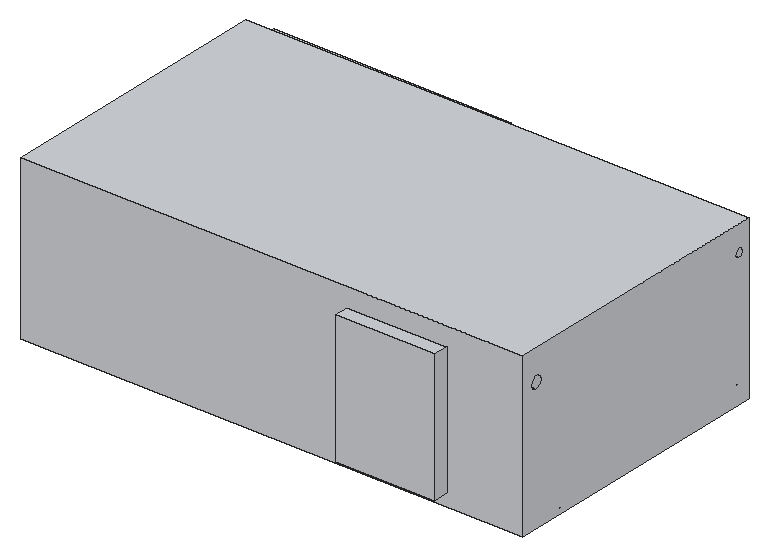
Revit family "4e66ef008913450b8eab91e8b7c59984", category Mechanical Equipment, Revit 2021
Family settings
  Round Connector Dimension = Use Radius
  Part Type = Normal
  OmniClass Number = 23.75.10.21.17
  OmniClass Title = Water-Source Heat Pumps
  Seek Item ID = WSHP - Horizontal-0000-USA-ENU
  Work Plane-Based = No
  Always vertical = Yes
  Cut with Voids When Loaded = No
  Shared = No
  Room Calculation Point = No
Parameters (values of type "006 Unit")
  Water Pressure Drop [instance] = 1.80 psi
  Water Radius = 1/4"
  Water Diameter = Water Radius * 2  # 1/2"
  Water Flow [instance] = 2 GPM
  Voltage = 208 V
  Supply Air Width = 6 179/256"
  Supply Air Height = 8 115/128"
  Return Air Width = 16 13/128"
  Return Air Height = 9 205/256"
  Number of Poles = 3
  Load Classification = Cooling
  Heating Capacity = 8300.0 Btu/h
  Heat Pump Width = 1' - 7 13/128"
  Heat Pump Material = none
  Heat Pump Length = 2' - 10 13/128"
  Heat Pump Height = 0' - 11"
  Default Elevation = 0' - 0"
  Cooling Capacity = 6400.0 Btu/h
  Condensate Radius = 3/8"
  Condensate Diameter = Condensate Radius * 2  # 3/4"
  Condensate Flow [instance] = 0 GPM
  C5 Offset 1 = 0' - 2 13/128"
  C4 Offset 2 = 0' - 0 205/256"
  C4 Offset 1 = 0' - 1 205/256"
  C3 Offset 2 = 0' - 0 205/256"
  C3 Offset 1 = 0' - 9 77/128"
  C2 Offset 2 = 0' - 0 77/128"
  C2 Offset 1 = 0' - 1 13/128"
  C1 Offset 2 = 0' - 0 205/256"
  C1 Offset 1 = 0' - 5 51/256"
  Apparent Load = 853 VA
  External Static Pressure [instance] = 0.25 in-wg
  Air Flow [instance] = 220 CFM
Types (11): name | Water Pressure Drop | Water Radius | Water Diameter | Water Flow | Supply Air Width | Supply Air Height | Return Air Width | Return Air Height | Heating Capacity | Heat Pump Width | Heat Pump Length | Heat Pump Height | Cooling Capacity | C5 Offset 1 | C4 Offset 2 | C4 Offset 1 | C3 Offset 2 | C3 Offset 1 | C2 Offset 2 | C1 Offset 2 | C1 Offset 1 | Apparent Load | Air Flow
  (no name) | 1.80 psi | 1/4" | 1/2" | 2 GPM | 6 179/256" | 8 115/128" | 16 13/128" | 9 205/256" | 8300.0 Btu/h | 1' - 7 13/128" | 2' - 10 13/128" | 0' - 11" | 6400.0 Btu/h | 0' - 2 13/128" | 0' - 0 205/256" | 0' - 1 205/256" | 0' - 0 205/256" | 0' - 9 77/128" | 0' - 0 77/128" | 0' - 0 205/256" | 0' - 5 51/256" | 853 VA | 220 CFM
  006 Unit | 1.80 psi | 1/4" | 1/2" | 2 GPM | 6 179/256" | 8 115/128" | 16 13/128" | 9 205/256" | 8300.0 Btu/h | 1' - 7 13/128" | 2' - 10 13/128" | 0' - 11" | 6400.0 Btu/h | 0' - 2 13/128" | 0' - 0 205/256" | 0' - 1 205/256" | 0' - 0 205/256" | 0' - 9 77/128" | 0' - 0 77/128" | 0' - 0 205/256" | 0' - 5 51/256" | 853 VA | 220 CFM
  009 Unit | 3.70 psi | 1/4" | 1/2" | 2 GPM | 6 179/256" | 8 115/128" | 16 13/128" | 9 205/256" | 10800.0 Btu/h | 1' - 7 13/128" | 2' - 10 13/128" | 0' - 11" | 8300.0 Btu/h | 0' - 2 13/128" | 0' - 0 205/256" | 0' - 1 205/256" | 0' - 0 205/256" | 0' - 9 77/128" | 0' - 0 77/128" | 0' - 0 205/256" | 0' - 5 51/256" | 1186 VA | 325 CFM
  012 Unit | 5.90 psi | 1/4" | 1/2" | 3 GPM | 6 179/256" | 8 115/128" | 16 13/128" | 9 205/256" | 14300.0 Btu/h | 1' - 7 13/128" | 2' - 10 13/128" | 0' - 11" | 11500.0 Btu/h | 0' - 2 13/128" | 0' - 0 205/256" | 0' - 1 205/256" | 0' - 0 205/256" | 0' - 9 77/128" | 0' - 0 77/128" | 0' - 0 205/256" | 0' - 5 51/256" | 1560 VA | 400 CFM
  018 Unit | 3.90 psi | 1/4" | 1/2" | 5 GPM | 9 115/128" | 13 77/256" | 23" | 15" | 22000.0 Btu/h | 1' - 8 13/128" | 3' - 7 13/128" | 1' - 5 13/128" | 18200.0 Btu/h | 0' - 6 13/128" | 0' - 2 13/128" | 0' - 1 115/128" | 0' - 2 51/128" | 1' - 3 77/256" | 0' - 1" | 0' - 2 77/128" | 0' - 4 13/128" | 2434 VA | 600 CFM
  024 Unit | 5.90 psi | 3/8" | 3/4" | 6 GPM | 9 115/128" | 13 77/256" | 23" | 15" | 27800.0 Btu/h | 1' - 8 13/128" | 3' - 7 13/128" | 1' - 5 13/128" | 23800.0 Btu/h | 0' - 6 13/128" | 0' - 2 13/128" | 0' - 1 115/128" | 0' - 2 51/128" | 1' - 3 77/256" | 0' - 1" | 0' - 2 77/128" | 0' - 4 13/128" | 2870 VA | 800 CFM
  030 Unit | 4.60 psi | 3/8" | 3/4" | 8 GPM | 9 115/128" | 13 77/256" | 23" | 15" | 33500.0 Btu/h | 1' - 8 13/128" | 3' - 7 13/128" | 1' - 5 13/128" | 28000.0 Btu/h | 0' - 6 13/128" | 0' - 2 13/128" | 0' - 1 115/128" | 0' - 2 51/128" | 1' - 3 77/256" | 0' - 1" | 0' - 2 77/128" | 0' - 4 13/128" | 3515 VA | 1000 CFM
  036 Unit | 4.00 psi | 3/8" | 3/4" | 10 GPM | 11" | 16 13/128" | 25 115/128" | 19" | 45500.0 Btu/h | 1' - 8 13/128" | 3' - 11 13/128" | 1' - 9 13/128" | 35000.0 Btu/h | 0' - 10 13/128" | 0' - 1 51/256" | 0' - 4 179/256" | 0' - 2 51/256" | 1' - 6 205/256" | 0' - 1" | 0' - 2 1/2" | 0' - 3" | 4389 VA | 1200 CFM
  042 Unit | 5.00 psi | 3/8" | 3/4" | 11 GPM | 11" | 16 13/128" | 25 115/128" | 19" | 52600.0 Btu/h | 1' - 8 13/128" | 3' - 11 13/128" | 1' - 9 13/128" | 41000.0 Btu/h | 0' - 10 13/128" | 0' - 1 51/256" | 0' - 4 179/256" | 0' - 2 51/256" | 1' - 6 205/256" | 0' - 1" | 0' - 2 1/2" | 0' - 3" | 5054 VA | 1350 CFM
  048 Unit | 4.80 psi | 3/8" | 3/4" | 12 GPM | 13 179/256" | 16 13/128" | 35 115/128" | 19" | 58200.0 Btu/h | 2' - 0 13/128" | 4' - 3 13/128" | 1' - 9 13/128" | 47100.0 Btu/h | 0' - 10 13/128" | 0' - 2 77/256" | 0' - 4 77/256" | 0' - 5 115/128" | 1' - 7 51/128" | 0' - 1" | 0' - 3 179/256" | 0' - 4 13/128" | 5470 VA | 1600 CFM
  060 Unit | 10.50 psi | 1/2" | 1" | 15 GPM | 13 179/256" | 18 13/128" | 35 115/128" | 19" | 76800.0 Btu/h | 2' - 0 13/128" | 4' - 3 13/128" | 1' - 9 13/128" | 58000.0 Btu/h | 0' - 10 13/128" | 0' - 2 77/256" | 0' - 4 77/256" | 0' - 5 115/128" | 1' - 7 51/128" | 0' - 1" | 0' - 1 179/256" | 0' - 4 13/128" | 7571 VA | 2000 CFM
Reference planes (in)
  plane 1 "Center (Front/Back)": y = 0
  plane 2: z = 0
  plane 3 "Center (Left/Right)": x = 0
  plane 4: x = 34.10156
  plane 5: y = 19.10156
  plane 6: z = 11
  plane 7: x = 2
  plane 8: y = 20.10156
  plane 9: x = 18.10156
  plane 10: z = 0.60156
  plane 11: y = -1
  plane 12: y = 1.1
  plane 13: y = 18.30078
  plane 14: y = 3.3
  plane 15: z = 0.7
  plane 16: x = 10.05078
  plane 17: y = 18.30078
  plane 18: z = 1.39844
  plane 19: z = 9.19922
  plane 20: z = 8.89844
  plane 21: z = 0.80078
  plane 22: z = 9.69922
  plane 23: x = 28.90234
  plane 24: x = 22.20313
  plane 25: z = 10.39844
  plane 26: z = 0.59766
  plane 27: x = 1.10156
  plane 28: x = 17.20313
  plane 29: x = 33.60156
Forms (in)
  Extrusion 1, solid, material <- "Heat Pump Material"
    sketch origin (0, 0, 0) x (1, 0, 0) y (0, 1, 0)
      loop
        line (0, 19.10156) -> (0, 0) -> (34.10156, 0) -> (34.10156, 19.10156) -> (0, 19.10156)
    from 0 to 11
  Extrusion 2, solid, material <- "Heat Pump Material"
    sketch origin (0, 0, 0) x (0, 1, 0) y (0, 0, 1)
      loop
        circle (1.1, 8.89844) r 0.375
    from 33.60156 to 34.10156
  Extrusion 3, solid, material <- "Heat Pump Material"
    sketch origin (0, 0, 0) x (0, 1, 0) y (0, 0, 1)
      loop
        circle (18.30078, 1.39844) r 0.25
    from 33.60156 to 34.10156
  Extrusion 4, solid, material <- "Heat Pump Material"
    sketch origin (0, 0, 0) x (0, 1, 0) y (0, 0, 1)
      loop
        circle (18.30078, 9.19922) r 0.25
    from 33.60156 to 34.10156
  Extrusion 5, solid, material <- "Heat Pump Material"
    sketch origin (0, 0, 0) x (0, 1, 0) y (0, 0, 1)
      loop
        circle (3.3, 0.7) r 0.375
    from 33.60156 to 34.10156
  Extrusion 6, solid
    sketch origin (0, 0, 0) x (1, 0, 0) y (0, 0, 1)
      loop
        line (22.20313, 9.69922) -> (22.20313, 0.80078) -> (28.90234, 0.80078) -> (28.90234, 9.69922) -> (22.20313, 9.69922)
    from 0 to 1
  Extrusion 7, solid
    sketch origin (0, 0, 0) x (1, 0, 0) y (0, 0, 1)
      loop
        line (1.10156, 0.59766) -> (17.20313, 0.59766) -> (17.20313, 10.39844) -> (1.10156, 10.39844) -> (1.10156, 0.59766)
    from -20.10156 to -19.10156
Cuts and joins
  joined: Extrusion 3, Extrusion 4
  joined: Extrusion 2, Extrusion 5
Dimensions and locks (in)
  "Heat Pump Length": plane 3 "Center (Left/Right)" to plane 4
  "Heat Pump Width": plane 1 "Center (Front/Back)" to plane 5  (x2)
  "Heat Pump Height": plane 6 to plane 2
  locked: plane 8 to plane 5 at 1
  locked: plane 3 "Center (Left/Right)" to plane 7 at 2
  "Return Air Width": plane 7 to plane 9
  locked: plane 11 to plane 1 "Center (Front/Back)" at 1
  locked: plane 1 "Center (Front/Back)" to plane 12 at 1.1
  "C4 Offset 2": plane 13 to plane 5
  locked: plane 1 "Center (Front/Back)" to plane 14 at 3.3
  locked: plane 15 to plane 2 at 0.7
  equal spacing: plane 7, plane 16, plane 9
  "C3 Offset 2": plane 17 to plane 5
  "C3 Offset 1": plane 6 to plane 18
  "C4 Offset 1": plane 6 to plane 19
  "C5 Offset 1": plane 6 to plane 20
  "C1 Offset 2": plane 21 to plane 2
  "Supply Air Height": plane 22 to plane 21
  "C1 Offset 1": plane 4 to plane 23
  "Supply Air Width": plane 23 to plane 24
  "C2 Offset 2": plane 6 to plane 25
  "Return Air Height": plane 25 to plane 26
  "C2 Offset 1": plane 27 to plane 3 "Center (Left/Right)"
  "Return Air Width": plane 28 to plane 27
  locked: plane 4 to plane 29 at 0.5
  radius of Extrusion 2 sketch curve = 0' - 0 3/8"
  "Water Radius": radius of Extrusion 3 sketch curve
  "Water Radius": radius of Extrusion 4 sketch curve
  "Condensate Radius": radius of Extrusion 5 sketch curve
  aligned and locked: Extrusion 1 to plane 3 "Center (Left/Right)"
  aligned and locked: plane 1 "Center (Front/Back)" to Extrusion 1
  aligned and locked: plane 5 to Extrusion 1
  aligned and locked: plane 4 to Extrusion 1
  aligned and locked: Extrusion 1 to plane 2
  aligned and locked: plane 6 to Extrusion 1
  aligned and locked: Extrusion 2 sketch curve to plane 12
  aligned and locked: plane 14 to Extrusion 5 sketch curve
  aligned and locked: plane 15 to Extrusion 5 sketch curve
  aligned and locked: plane 4 to Extrusion 2
  aligned and locked: plane 4 to Extrusion 3
  aligned and locked: plane 4 to Extrusion 4
  aligned and locked: plane 4 to Extrusion 5
  aligned and locked: plane 18 to Extrusion 3 sketch curve
  aligned and locked: plane 17 to Extrusion 3 sketch curve
  aligned and locked: plane 19 to Extrusion 4 sketch curve
  aligned and locked: Extrusion 4 sketch curve to plane 13
  aligned and locked: plane 20 to Extrusion 2 sketch curve
  aligned and locked: Extrusion 6 sketch curve to plane 22
  aligned and locked: plane 21 to Extrusion 6 sketch curve
  aligned and locked: Extrusion 6 sketch curve to plane 23
  aligned and locked: plane 24 to Extrusion 6 sketch curve
  aligned and locked: plane 28 to Extrusion 7 sketch curve
  aligned and locked: plane 26 to Extrusion 7 sketch curve
  aligned and locked: Extrusion 7 sketch curve to plane 27
  aligned and locked: plane 25 to Extrusion 7 sketch curve
  aligned and locked: plane 8 to Extrusion 7
  aligned and locked: Extrusion 7 to plane 5
  aligned and locked: Extrusion 6 to plane 1 "Center (Front/Back)"
  aligned and locked: Extrusion 6 to plane 11
  aligned and locked: Extrusion 4 to cut or joined group of Extrusion 2, Extrusion 5
  aligned and locked: Extrusion 4 to Extrusion 3
  aligned and locked: Extrusion 2 to Extrusion 5
Automatic sketch dimensions
  Extrusion 1 sketch curve to plane 1 "Center (Front/Back)" = 0' - 0"
  Extrusion 1 sketch curve to plane 3 "Center (Left/Right)" = 0' - 0"
  plane 4 to Extrusion 1 sketch curve = 0' - 0"
  plane 5 to Extrusion 1 sketch curve = 0' - 0"
Connectors (in)
  hvac at (25.55273, -1, 5.25), driven by "Air Flow", driven by "Supply Air Height", driven by "Supply Air Width"
    settings: on Extrusion 6, index 1, duct flow 220 CFM, flow factor 0, pres drop 0.00 in-wg, loss coef 0, conn angle 0.00°, conn width 6 179/256", conn height 8 115/128", conn diameter 24", duct sys type 1, conn prof type 1, flow config 0, flow direction 2, loss method 0, conn ref index 2, conn util no, is conn primary yes, conn desc ""
  hvac at (9.15234, 20.10156, 5.49805), driven by "Air Flow", driven by "Return Air Height", driven by "Return Air Width"
    settings: on Extrusion 7, index 2, duct flow 220 CFM, flow factor 0, pres drop 0.00 in-wg, loss coef 0, conn angle 0.00°, conn width 16 13/128", conn height 9 205/256", conn diameter 24", duct sys type 2, conn prof type 1, flow config 0, flow direction 1, loss method 0, conn ref index 1, conn util no, is conn primary no, conn desc ""
  piping at (34.10156, 18.30078, 9.19922), diameter 0.5, driven by "Water Flow", driven by "Water Pressure Drop", driven by "Water Radius"
    settings: on cut or joined group of Extrusion 3, Extrusion 4, index 3, connector inside diameter 1/2", connector length 0' - 0", flow factor 0, pipe flow 2 GPM, pressure drop 1.80 psi, fitting loss kfactor 0, connector angle 0.00°, fixture units 0, engagement length 0' - 0", angle of deflection 0.00°, flow configuration 1, flow direction 2, fitting loss method 4, system type 8, joint type 0, gender type 0, connector reference index 4, connector utility 0, adjustable connector no, is connector primary yes, connector description "Water Out"
  piping at (34.10156, 18.30078, 1.39844), diameter 0.5, driven by "Water Flow", driven by "Water Radius"
    settings: on cut or joined group of Extrusion 3, Extrusion 4, index 4, connector inside diameter 1/2", connector length 0' - 0", flow factor 0, pipe flow 2 GPM, pressure drop 0.00 psi, fitting loss kfactor 0, connector angle 0.00°, fixture units 0, engagement length 0' - 0", angle of deflection 0.00°, flow configuration 1, flow direction 1, fitting loss method 4, system type 7, joint type 0, gender type 0, connector reference index 3, connector utility 0, adjustable connector no, is connector primary no, connector description "Water Out"
  piping at (34.10156, 3.3, 0.7), diameter 0.75, driven by "Condensate Flow"
    settings: on cut or joined group of Extrusion 2, Extrusion 5, index 5, connector inside diameter 3/4", connector length 0' - 0", flow factor 0, pipe flow 0 GPM, pressure drop 0.00 psi, fitting loss kfactor 0, connector angle 0.00°, fixture units 0, engagement length 0' - 0", angle of deflection 0.00°, flow configuration 1, flow direction 2, fitting loss method 0, system type 16, joint type 0, gender type 0, connector reference index -1, connector utility 0, adjustable connector yes, is connector primary no, connector description "Drain Out"
  electrical at (34.10156, 1.1, 8.89844), driven by "Apparent Load", driven by "Voltage", driven by "Number of Poles", driven by "Load Classification"
    settings: on cut or joined group of Extrusion 2, Extrusion 5, index 6, voltage 208 V, apparent load 853 VA, apparent load phase1 0 VA, apparent load phase2 0 VA, apparent load phase3 0 VA, power factor 0.8, load classification "Cooling", number of poles 3, system type 30, power factor state 1, is connector primary yes, connector utility no, sub classification motor no, connector description ""
